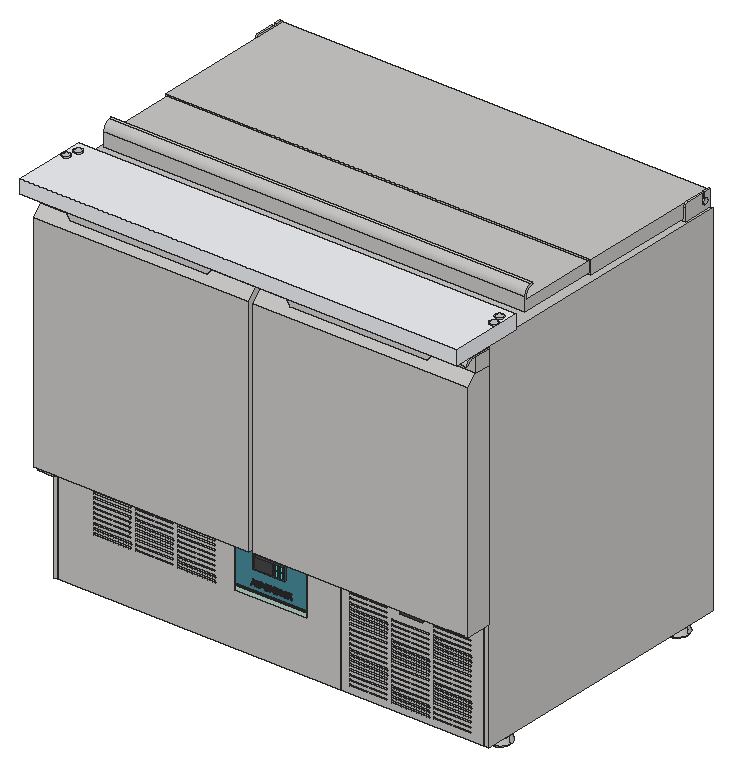
Revit family "QF_ALPENINOX_729616_ASAL25L2C9", category Attrezzature speciali, Revit 2021
Family settings
  Quota connettore circolare = Usa diametro
  Tipo di parte = Normale
  Basato su piano di lavoro = No
  Sempre verticale = Sì
  Taglio con vuoti quando caricato = No
  Condiviso = No
  Punto di calcolo locali = No
Parameters (values of type "Standard")
  Weight = 64.00 kg
  Watts = 220 W
  Volts = 220 V
  URL Manufacturer = "http://www.alpeninox.com"
  URL = "http://www.alpeninox.com"
  Steam Supply Size = 0 mm
  Steam Supply Minimum Pressure = 0.0 Pa
  Steam Supply Maximum Pressure = 0.0 Pa
  Steam Consumption per Hour = 0
  Refrigeration Suction Line Size = 0 mm
  Refrigeration Liquid Line Size = 0 mm
  Refrigerant Compressor Remote = yes
  Prospetto di default = 0 mm
  Produttore = "Alpeninox"
  Phase = 1
  Modello = "ASAL25L2C9"
  Length Actual = 950 mm  # constant formula
  Item Number = "729616"
  Hot Water Size = 0 mm
  Height Actual = 863 mm  # constant formula
  HP = "0.3 HP"
  Gas Size = 0 mm
  Gas KW = 0
  Gas Input Pressure = 0 W
  Direct Waste Size = 0 mm
  Descrizione = "2-DOOR SALADETTE 250L+LID+CHOPPING BOARD R290"
  Depth Actual = 700 mm  # constant formula
  Cycle = 50 Hz
  Condensate Return Size = 0 mm
  Compressed Air Volume = 0.0 L/s
  Compressed Air Size = 0 mm
  Compressed Air Pressure = 0.0 Pa
  Cold Water Size = 0 mm
  Accessory = yes
Reference planes
  plane 1: z = 0
  plane 2 "Center (Left/Right)": x = -126.5
  plane 3 "Center (Front/Back)": y = 64.5
  plane 4 "BACK": y = 414.5
  plane 5 "FRONT": y = -285.5
  plane 6 "LEFT": x = -604
  plane 7 "RIGHT": x = 351
  plane 8 "FEET": z = 20
  plane 9 "TOP": z = 838
  plane 10 "PLAIN": z = 808
  plane 11 "EI_back": y = 414.5
  plane 12 "EI_left": x = 287.5
  plane 13 "BorderFront": y = -252.5
  plane 14 "DOOR": y = -197.5
  plane 15 "BorderLeft": x = -601.5
  plane 16 "BorderRight": x = 348.5
  plane 17: x = -576.5
  plane 18: x = 323.5
  plane 19: y = -701.5
  plane 20: z = 260
  plane 21 "FeetBack": y = 347.5
  plane 22 "FeetFront": y = -137.5
  plane 23 "FeetRight": x = 326.2
  plane 24 "FeetLeft": x = -579.2
  plane 25 "DrainX": x = -271.5
  plane 26 "DrainY": y = 91.5
  plane 27: z = 238
  plane 28: z = 1140
Forms (mm)
  Extrusion 1, solid, material "QF_Finishes_Stainless Steel"
    sketch origin (-1022.223, 359, -1763) x (-1, 0, 0) y (0, 0, -1)
      loop
        circle (-1309.723, -1883) r 5
    from -55.5 to -57.278
  Extrusion 2, solid, material "QF_Finishes_Stainless Steel"
    sketch origin (-1022.223, -1524, 20) x (-1, 0, 0) y (0, -1, 0)
      loop
        line (-420.723, -1938.5) -> (-420.723, -1326.5) -> (-1370.723, -1326.5) -> (-1370.723, -1938.5) -> (-420.723, -1938.5)
    from 0 to 788
  Extrusion 3, solid, material "QF_Finishes_White"
    sketch origin (0, 0, 808) x (-1, 0, 0) y (0, -1, 0)
      loop
        line (604, 125.5) -> (604, 285.5) -> (-351, 285.5) -> (-351, 125.5) -> (604, 125.5)
      loop
        circle (586.656, 148.884) r 8.77
      loop
        circle (593.656, 172.884) r 8.77
      loop
        circle (-333.656, 148.884) r 8.77
      loop
        circle (-340.656, 172.884) r 8.77
    from 0 to 30
  Extrusion 4, void
    sketch origin (0, 0, 0) x (1, 0, 0) y (0, 1, 0)
      loop
        line (-591.5, -197.5) -> (338.5, -197.5) -> (338.5, -195.5) -> (-591.5, -195.5) -> (-591.5, -197.5)
    from 20 to 260
  Extrusion 5, solid, material "QF_Finishes_Stainless Steel"
    sketch origin (0, 0, 0) x (1, 0, 0) y (0, 1, 0)
      loop
        line (-591.5, -195.5) -> (-591.5, -197.5) -> (26.373, -197.5) -> (26.373, -195.5) -> (-591.5, -195.5)
    from 20 to 260
  Extrusion 6, solid, material "QF_Finishes_Stainless Steel"
    sketch origin (0, 0, 0) x (1, 0, 0) y (0, 1, 0)
      loop
        line (26.373, -195.5) -> (26.373, -197.5) -> (338.5, -197.5) -> (338.5, -195.5) -> (26.373, -195.5)
    from 20 to 260
  Extrusion 7, void
    sketch origin (560, -285.5, 0) x (-1, 0, 0) y (0, 0, 1)
      loop
        line (514.036, 239.427) -> (431.036, 239.427) -> (431.036, 234.427) -> (514.036, 234.427) -> (514.036, 239.427)
      loop
        line (514.036, 229.427) -> (431.036, 229.427) -> (431.036, 224.427) -> (514.036, 224.427) -> (514.036, 229.427)
      loop
        line (514.036, 219.427) -> (431.036, 219.427) -> (431.036, 214.427) -> (514.036, 214.427) -> (514.036, 219.427)
      loop
        line (514.036, 209.427) -> (431.036, 209.427) -> (431.036, 204.427) -> (514.036, 204.427) -> (514.036, 209.427)
      loop
        line (514.036, 199.427) -> (431.036, 199.427) -> (431.036, 194.427) -> (514.036, 194.427) -> (514.036, 199.427)
      loop
        line (514.036, 189.427) -> (431.036, 189.427) -> (431.036, 184.427) -> (514.036, 184.427) -> (514.036, 189.427)
      loop
        line (514.036, 179.427) -> (431.036, 179.427) -> (431.036, 174.427) -> (514.036, 174.427) -> (514.036, 179.427)
      loop
        line (514.036, 169.427) -> (431.036, 169.427) -> (431.036, 164.427) -> (514.036, 164.427) -> (514.036, 169.427)
      loop
        line (514.036, 149.427) -> (431.036, 149.427) -> (431.036, 144.427) -> (514.036, 144.427) -> (514.036, 149.427)
      loop
        line (514.036, 139.427) -> (431.036, 139.427) -> (431.036, 134.427) -> (514.036, 134.427) -> (514.036, 139.427)
      loop
        line (422.036, 199.427) -> (339.036, 199.427) -> (339.036, 194.427) -> (422.036, 194.427) -> (422.036, 199.427)
      loop
        line (422.036, 189.427) -> (339.036, 189.427) -> (339.036, 184.427) -> (422.036, 184.427) -> (422.036, 189.427)
      loop
        line (422.036, 179.427) -> (339.036, 179.427) -> (339.036, 174.427) -> (422.036, 174.427) -> (422.036, 179.427)
      loop
        line (422.036, 149.427) -> (339.036, 149.427) -> (339.036, 144.427) -> (422.036, 144.427) -> (422.036, 149.427)
      loop
        line (422.036, 139.427) -> (339.036, 139.427) -> (339.036, 134.427) -> (422.036, 134.427) -> (422.036, 139.427)
      loop
        line (330.036, 239.427) -> (247.036, 239.427) -> (247.036, 234.427) -> (330.036, 234.427) -> (330.036, 239.427)
      loop
        line (330.036, 229.427) -> (247.036, 229.427) -> (247.036, 224.427) -> (330.036, 224.427) -> (330.036, 229.427)
      loop
        line (330.036, 219.427) -> (247.036, 219.427) -> (247.036, 214.427) -> (330.036, 214.427) -> (330.036, 219.427)
      loop
        line (330.036, 209.427) -> (247.036, 209.427) -> (247.036, 204.427) -> (330.036, 204.427) -> (330.036, 209.427)
      loop
        line (330.036, 199.427) -> (247.036, 199.427) -> (247.036, 194.427) -> (330.036, 194.427) -> (330.036, 199.427)
      loop
        line (330.036, 189.427) -> (247.036, 189.427) -> (247.036, 184.427) -> (330.036, 184.427) -> (330.036, 189.427)
      loop
        line (330.036, 179.427) -> (247.036, 179.427) -> (247.036, 174.427) -> (330.036, 174.427) -> (330.036, 179.427)
      loop
        line (330.036, 149.427) -> (247.036, 149.427) -> (247.036, 144.427) -> (330.036, 144.427) -> (330.036, 149.427)
      loop
        line (330.036, 139.427) -> (247.036, 139.427) -> (247.036, 134.427) -> (330.036, 134.427) -> (330.036, 139.427)
      loop
        line (422.036, 169.427) -> (339.036, 169.427) -> (339.036, 164.427) -> (422.036, 164.427) -> (422.036, 169.427)
      loop
        line (330.036, 169.427) -> (247.036, 169.427) -> (247.036, 164.427) -> (330.036, 164.427) -> (330.036, 169.427)
      loop
        line (514.036, 159.427) -> (431.036, 159.427) -> (431.036, 154.427) -> (514.036, 154.427) -> (514.036, 159.427)
      loop
        line (422.036, 159.427) -> (339.036, 159.427) -> (339.036, 154.427) -> (422.036, 154.427) -> (422.036, 159.427)
      loop
        line (330.036, 159.427) -> (247.036, 159.427) -> (247.036, 154.427) -> (330.036, 154.427) -> (330.036, 159.427)
      loop
        line (514.036, 129.427) -> (431.036, 129.427) -> (431.036, 124.427) -> (514.036, 124.427) -> (514.036, 129.427)
      loop
        line (514.036, 119.427) -> (431.036, 119.427) -> (431.036, 114.427) -> (514.036, 114.427) -> (514.036, 119.427)
      loop
        line (514.036, 109.427) -> (431.036, 109.427) -> (431.036, 104.427) -> (514.036, 104.427) -> (514.036, 109.427)
      loop
        line (514.036, 99.427) -> (431.036, 99.427) -> (431.036, 94.427) -> (514.036, 94.427) -> (514.036, 99.427)
      loop
        line (514.036, 79.427) -> (431.036, 79.427) -> (431.036, 74.427) -> (514.036, 74.427) -> (514.036, 79.427)
      loop
        line (514.036, 69.427) -> (431.036, 69.427) -> (431.036, 64.427) -> (514.036, 64.427) -> (514.036, 69.427)
      loop
        line (422.036, 129.427) -> (339.036, 129.427) -> (339.036, 124.427) -> (422.036, 124.427) -> (422.036, 129.427)
      loop
        line (422.036, 119.427) -> (339.036, 119.427) -> (339.036, 114.427) -> (422.036, 114.427) -> (422.036, 119.427)
      loop
        line (422.036, 109.427) -> (339.036, 109.427) -> (339.036, 104.427) -> (422.036, 104.427) -> (422.036, 109.427)
      loop
        line (422.036, 79.427) -> (339.036, 79.427) -> (339.036, 74.427) -> (422.036, 74.427) -> (422.036, 79.427)
      loop
        line (422.036, 69.427) -> (339.036, 69.427) -> (339.036, 64.427) -> (422.036, 64.427) -> (422.036, 69.427)
      loop
        line (330.036, 129.427) -> (247.036, 129.427) -> (247.036, 124.427) -> (330.036, 124.427) -> (330.036, 129.427)
      loop
        line (330.036, 119.427) -> (247.036, 119.427) -> (247.036, 114.427) -> (330.036, 114.427) -> (330.036, 119.427)
      loop
        line (330.036, 109.427) -> (247.036, 109.427) -> (247.036, 104.427) -> (330.036, 104.427) -> (330.036, 109.427)
      loop
        line (330.036, 79.427) -> (247.036, 79.427) -> (247.036, 74.427) -> (330.036, 74.427) -> (330.036, 79.427)
      loop
        line (330.036, 69.427) -> (247.036, 69.427) -> (247.036, 64.427) -> (330.036, 64.427) -> (330.036, 69.427)
      loop
        line (422.036, 99.427) -> (339.036, 99.427) -> (339.036, 94.427) -> (422.036, 94.427) -> (422.036, 99.427)
      loop
        line (330.036, 99.427) -> (247.036, 99.427) -> (247.036, 94.427) -> (330.036, 94.427) -> (330.036, 99.427)
      loop
        line (514.036, 89.427) -> (431.036, 89.427) -> (431.036, 84.427) -> (514.036, 84.427) -> (514.036, 89.427)
      loop
        line (422.036, 89.427) -> (339.036, 89.427) -> (339.036, 84.427) -> (422.036, 84.427) -> (422.036, 89.427)
      loop
        line (330.036, 89.427) -> (247.036, 89.427) -> (247.036, 84.427) -> (330.036, 84.427) -> (330.036, 89.427)
      loop
        line (514.036, 49.427) -> (431.036, 49.427) -> (431.036, 44.427) -> (514.036, 44.427) -> (514.036, 49.427)
      loop
        line (514.036, 39.427) -> (431.036, 39.427) -> (431.036, 34.427) -> (514.036, 34.427) -> (514.036, 39.427)
      loop
        line (422.036, 49.427) -> (339.036, 49.427) -> (339.036, 44.427) -> (422.036, 44.427) -> (422.036, 49.427)
      loop
        line (422.036, 39.427) -> (339.036, 39.427) -> (339.036, 34.427) -> (422.036, 34.427) -> (422.036, 39.427)
      loop
        line (330.036, 49.427) -> (247.036, 49.427) -> (247.036, 44.427) -> (330.036, 44.427) -> (330.036, 49.427)
      loop
        line (330.036, 39.427) -> (247.036, 39.427) -> (247.036, 34.427) -> (330.036, 34.427) -> (330.036, 39.427)
      loop
        line (514.036, 59.427) -> (431.036, 59.427) -> (431.036, 54.427) -> (514.036, 54.427) -> (514.036, 59.427)
      loop
        line (422.036, 59.427) -> (339.036, 59.427) -> (339.036, 54.427) -> (422.036, 54.427) -> (422.036, 59.427)
      loop
        line (330.036, 59.427) -> (247.036, 59.427) -> (247.036, 54.427) -> (330.036, 54.427) -> (330.036, 59.427)
      loop
        line (405.536, 239.427) -> (355.536, 239.427) -> (355.536, 214.427) -> (405.536, 214.427) -> (405.536, 239.427)
    from 88 to 90
  Extrusion 8, solid, material "QF_Finishes_Black"
    sketch origin (0, -285.5, 0) x (-1, 0, 0) y (0, 0, 1)
      loop
        line (-154.464, 239.427) -> (-204.464, 239.427) -> (-204.464, 214.427) -> (-154.464, 214.427) -> (-154.464, 239.427)
    from 88 to 90
  Extrusion 9, solid, material "QF_Finishes_Stainless Steel"
    sketch origin (-1022.223, -1524, 20) x (-1, 0, 0) y (0, -1, 0)
      loop
        circle (-750.723, -1615.5) r 6.35
    from 199.427 to 218
  Extrusion 10, solid, material "QF_Finishes_Stainless Steel"
    sketch origin (-126.5, 0, 0) x (0, 1, 0) y (0, 0, 1)
      loop
        line (-78.684, 816.252) -> (96.316, 816.252) -> (96.316, 838) -> (-75.684, 838) -> (-75.684, 844.369)
        arc (-75.684, 844.369) -> (-72.171, 854.718) -> (-63.084, 860.79) r 17
        line (-63.084, 860.79) -> (-58.287, 862.076) -> (-59.064, 864.973) -> (-63.861, 863.688)
        arc (-63.861, 863.688) -> (-74.551, 856.545) -> (-78.684, 844.369) r 20
        line (-78.684, 844.369) -> (-78.684, 816.252)
    from -460 to 460
  Extrusion 11, solid, material "QF_Finishes_Stainless Steel"
    sketch origin (0, 0, 808) x (-1, 0, 0) y (0, -1, 0)
      loop
        circle (586.656, 148.884) r 8.77
      loop
        circle (593.656, 172.884) r 8.77
      loop
        circle (-333.656, 148.884) r 8.77
      loop
        circle (-340.656, 172.884) r 8.77
    from 0 to 31
  Extrusion 12, solid, material "QF_Finishes_Stainless Steel"
    sketch origin (0, 414.5, 0) x (-1, 0, 0) y (0, 0, 1)
      loop
        line (-334.5, 815.252) -> (586.5, 815.252) -> (586.5, 839) -> (-334.5, 839) -> (-334.5, 815.252)
      loop
        line (590.5, 842) -> (-337.5, 842) -> (-337.5, 812.252) -> (590.5, 812.252) -> (590.5, 842)
    from 0 to -318.184
  Extrusion 13, void
    sketch origin (0, -285.5, 0) x (-1, 0, 0) y (0, 0, 1)
      loop
        line (514.036, 239.427) -> (431.036, 239.427) -> (431.036, 234.427) -> (514.036, 234.427) -> (514.036, 239.427)
      loop
        line (514.036, 229.427) -> (431.036, 229.427) -> (431.036, 224.427) -> (514.036, 224.427) -> (514.036, 229.427)
      loop
        line (514.036, 219.427) -> (431.036, 219.427) -> (431.036, 214.427) -> (514.036, 214.427) -> (514.036, 219.427)
      loop
        line (514.036, 209.427) -> (431.036, 209.427) -> (431.036, 204.427) -> (514.036, 204.427) -> (514.036, 209.427)
      loop
        line (514.036, 199.427) -> (431.036, 199.427) -> (431.036, 194.427) -> (514.036, 194.427) -> (514.036, 199.427)
      loop
        line (514.036, 189.427) -> (431.036, 189.427) -> (431.036, 184.427) -> (514.036, 184.427) -> (514.036, 189.427)
      loop
        line (514.036, 179.427) -> (431.036, 179.427) -> (431.036, 174.427) -> (514.036, 174.427) -> (514.036, 179.427)
      loop
        line (514.036, 169.427) -> (431.036, 169.427) -> (431.036, 164.427) -> (514.036, 164.427) -> (514.036, 169.427)
      loop
        line (514.036, 149.427) -> (431.036, 149.427) -> (431.036, 144.427) -> (514.036, 144.427) -> (514.036, 149.427)
      loop
        line (514.036, 139.427) -> (431.036, 139.427) -> (431.036, 134.427) -> (514.036, 134.427) -> (514.036, 139.427)
      loop
        line (422.036, 199.427) -> (339.036, 199.427) -> (339.036, 194.427) -> (422.036, 194.427) -> (422.036, 199.427)
      loop
        line (422.036, 189.427) -> (339.036, 189.427) -> (339.036, 184.427) -> (422.036, 184.427) -> (422.036, 189.427)
      loop
        line (422.036, 179.427) -> (339.036, 179.427) -> (339.036, 174.427) -> (422.036, 174.427) -> (422.036, 179.427)
      loop
        line (422.036, 149.427) -> (339.036, 149.427) -> (339.036, 144.427) -> (422.036, 144.427) -> (422.036, 149.427)
      loop
        line (422.036, 139.427) -> (339.036, 139.427) -> (339.036, 134.427) -> (422.036, 134.427) -> (422.036, 139.427)
      loop
        line (330.036, 239.427) -> (247.036, 239.427) -> (247.036, 234.427) -> (330.036, 234.427) -> (330.036, 239.427)
      loop
        line (330.036, 229.427) -> (247.036, 229.427) -> (247.036, 224.427) -> (330.036, 224.427) -> (330.036, 229.427)
      loop
        line (330.036, 219.427) -> (247.036, 219.427) -> (247.036, 214.427) -> (330.036, 214.427) -> (330.036, 219.427)
      loop
        line (330.036, 209.427) -> (247.036, 209.427) -> (247.036, 204.427) -> (330.036, 204.427) -> (330.036, 209.427)
      loop
        line (330.036, 199.427) -> (247.036, 199.427) -> (247.036, 194.427) -> (330.036, 194.427) -> (330.036, 199.427)
      loop
        line (330.036, 189.427) -> (247.036, 189.427) -> (247.036, 184.427) -> (330.036, 184.427) -> (330.036, 189.427)
      loop
        line (330.036, 179.427) -> (247.036, 179.427) -> (247.036, 174.427) -> (330.036, 174.427) -> (330.036, 179.427)
      loop
        line (330.036, 149.427) -> (247.036, 149.427) -> (247.036, 144.427) -> (330.036, 144.427) -> (330.036, 149.427)
      loop
        line (330.036, 139.427) -> (247.036, 139.427) -> (247.036, 134.427) -> (330.036, 134.427) -> (330.036, 139.427)
      loop
        line (422.036, 169.427) -> (339.036, 169.427) -> (339.036, 164.427) -> (422.036, 164.427) -> (422.036, 169.427)
      loop
        line (330.036, 169.427) -> (247.036, 169.427) -> (247.036, 164.427) -> (330.036, 164.427) -> (330.036, 169.427)
      loop
        line (514.036, 159.427) -> (431.036, 159.427) -> (431.036, 154.427) -> (514.036, 154.427) -> (514.036, 159.427)
      loop
        line (422.036, 159.427) -> (339.036, 159.427) -> (339.036, 154.427) -> (422.036, 154.427) -> (422.036, 159.427)
      loop
        line (330.036, 159.427) -> (247.036, 159.427) -> (247.036, 154.427) -> (330.036, 154.427) -> (330.036, 159.427)
      loop
        line (422.036, 239.427) -> (339.036, 239.427) -> (339.036, 234.427) -> (422.036, 234.427) -> (422.036, 239.427)
      loop
        line (422.036, 229.427) -> (339.036, 229.427) -> (339.036, 224.427) -> (422.036, 224.427) -> (422.036, 229.427)
      loop
        line (422.036, 219.427) -> (339.036, 219.427) -> (339.036, 214.427) -> (422.036, 214.427) -> (422.036, 219.427)
      loop
        line (422.036, 209.427) -> (339.036, 209.427) -> (339.036, 204.427) -> (422.036, 204.427) -> (422.036, 209.427)
      loop
        line (204.5, 134.427) -> (204.5, 239.427) -> (48.5, 239.427) -> (48.5, 134.427) -> (204.5, 134.427)
    from 88 to 90
  Extrusion 14, solid, material "QF_Finishes_Stainless Steel"
    sketch origin (0, 414.5, 0) x (-1, 0, 0) y (0, 0, 1)
      loop
        line (-343.5, 808) -> (596.5, 808) -> (596.5, 844.142) -> (592.5, 844.142) -> (592.5, 812) -> (-339.5, 812) -> (-339.5, 844.142) -> (-343.5, 844.142) -> (-343.5, 808)
    from 0 to -67
  Extrusion 15, void
    sketch origin (-604, 0, 0) x (0, 1, 0) y (0, 0, 1)
      loop
        line (355.917, 844.142) -> (347.5, 844.142) -> (347.5, 835.725)
        arc (347.5, 835.725) -> (349.965, 841.676) -> (355.917, 844.142) r 8.417
      loop
        line (400.565, 844.142) -> (392.565, 844.142) -> (392.565, 824.142) -> (400.565, 824.142) -> (400.565, 844.142)
    from 7.5 to 11.5
  Extrusion 16, void
    sketch origin (351, 0, 0) x (0, 1, 0) y (0, 0, 1)
      loop
        line (355.917, 844.142) -> (347.5, 844.142) -> (347.5, 835.725)
        arc (347.5, 835.725) -> (349.965, 841.676) -> (355.917, 844.142) r 8.417
      loop
        line (400.565, 844.142) -> (392.565, 844.142) -> (392.565, 824.142) -> (400.565, 824.142) -> (400.565, 844.142)
    from -7.5 to -11.5
  Extrusion 17, void
    sketch origin (-126.5, 0, 0) x (0, 1, 0) y (0, 0, 1)
      loop
        circle (396.565, 829.168) r 3.513
    from 464 to -464
  Extrusion 18, solid, material "QF_Finishes_Stainless Steel"
    sketch origin (-604, 0, 0) x (0, 1, 0) y (0, 0, 1)
      loop
        line (390.189, 829.168) -> (393.377, 823.646) -> (399.753, 823.646) -> (402.942, 829.168) -> (399.753, 834.69) -> (393.377, 834.69) -> (390.189, 829.168)
    from 7.5 to 2.5
  Extrusion 19, solid, material "QF_Finishes_Stainless Steel"
    sketch origin (-126.5, 0, 0) x (0, 1, 0) y (0, 0, 1)
      loop
        circle (396.565, 829.168) r 3.513
    from 470 to -470
  Extrusion 20, solid, material "QF_Finishes_Stainless Steel"
    sketch origin (351, 0, 0) x (0, 1, 0) y (0, 0, 1)
      loop
        line (390.189, 829.168) -> (393.377, 823.646) -> (399.753, 823.646) -> (402.942, 829.168) -> (399.753, 834.69) -> (393.377, 834.69) -> (390.189, 829.168)
    from -7.5 to -2.5
  Extrusion 21, solid, material "QF_Door-Drawer Clearances", detail levels coarse
    sketch origin (-126.5, 0, 0) x (0, 1, 0) y (0, 0, 1)
      loop
        line (414.5, 844.142) -> (414.5, 1140) -> (384.5, 1140) -> (384.5, 844.142) -> (414.5, 844.142)
    from 460 to -460
  Extrusion 22, solid, material "QF_Door-Drawer Clearances", detail levels coarse
    sketch origin (-126.5, 0, 0) x (0, 1, 0) y (0, 0, 1)
      loop
        line (384.5, 844.142) -> (384.5, 1140)
        arc (384.5, 1140) -> (175.297, 1053.345) -> (88.642, 844.142) r 295.858
        line (88.642, 844.142) -> (384.5, 844.142)
    from 460 to -460
Cuts and joins
  Extrusion 4, Extrusion 7, Extrusion 13 cuts Extrusion 2
  Extrusion 7, Extrusion 13 cuts Extrusion 5
  Extrusion 7, Extrusion 13 cuts Extrusion 6
  Extrusion 13 cuts Extrusion 8
  Extrusion 15, Extrusion 17 cuts Extrusion 12
  Extrusion 15, Extrusion 16 cuts Extrusion 14
Lines and regions (mm)
  symbolic lines, style "SpecialityEquipment"
    curve 1: line (-604, 414.5, 808) -> (351, 414.5, 808)
    curve 2: line (-604, -285.5, 808) -> (-604, 414.5, 808)
    curve 3: line (351, -285.5, 808) -> (-604, -285.5, 808)
    curve 4: line (351, 414.5, 808) -> (351, -285.5, 808)
  symbolic lines, style "SpecialityEquipmentHiddenLines"
    curve 5: line (-604, -197.5, 808) -> (351, -197.5, 808)
  symbolic lines
    curve 6: line (-586.5, -78.684, 808) -> (333.5, -78.684, 808)
    curve 7: line (333.5, -78.684, 808) -> (333.5, 96.316, 808)
    curve 8: line (337.5, 96.316, 808) -> (-590.5, 96.316, 808)
    curve 9: line (-590.5, 96.316, 808) -> (-590.5, 414.5, 808)
    curve 10: line (-586.5, -78.684, 808) -> (-586.5, 96.316, 808)
    curve 11: line (337.5, 96.316, 808) -> (337.5, 414.5, 808)
    curve 12: line (343.5, 347.5, 808) -> (343.5, 393.052, 808)
    curve 13: line (343.5, 393.052, 808) -> (337.5, 393.052, 808)
    curve 14: line (343.5, 400.078, 808) -> (337.5, 400.078, 808)
    curve 15: line (339.5, 393.052, 808) -> (339.5, 347.5, 808)
    curve 16: line (339.5, 347.5, 808) -> (343.5, 347.5, 808)
    curve 17: line (343.5, 400.078, 808) -> (343.5, 414.5, 808)
    curve 18: line (339.5, 400.078, 808) -> (339.5, 414.5, 808)
    curve 19: line (-596.5, 347.5, 808) -> (-596.5, 393.052, 808)
    curve 20: line (-596.5, 393.052, 808) -> (-590.5, 393.052, 808)
    curve 21: line (-596.5, 400.078, 808) -> (-590.5, 400.078, 808)
    curve 22: line (-592.5, 393.052, 808) -> (-592.5, 347.5, 808)
    curve 23: line (-592.5, 347.5, 808) -> (-596.5, 347.5, 808)
    curve 24: line (-596.5, 400.078, 808) -> (-596.5, 414.5, 808)
    curve 25: line (-592.5, 400.078, 808) -> (-592.5, 414.5, 808)
    curve 26: line (343.5, 402.942, 808) -> (348.5, 402.942, 808)
    curve 27: line (348.5, 402.942, 808) -> (348.5, 390.189, 808)
    curve 28: line (348.5, 390.189, 808) -> (343.5, 390.189, 808)
    curve 29: line (343.5, 400.078, 808) -> (343.5, 393.052, 808)
    curve 30: line (-596.5, 402.942, 808) -> (-601.5, 402.942, 808)
    curve 31: line (-601.5, 402.942, 808) -> (-601.5, 390.189, 808)
    curve 32: line (-601.5, 390.189, 808) -> (-596.5, 390.189, 808)
    curve 33: line (-596.5, 400.078, 808) -> (-596.5, 393.052, 808)
    curve 34: line (-586.5, -59.064, 808) -> (333.5, -59.064, 808)
Dimensions and locks
  equal spacing: plane 6 "LEFT", plane 2 "Center (Left/Right)", plane 7 "RIGHT"
  plane 8 "FEET" to level = 20 mm  (x2)
  plane 13 "BorderFront" to plane 5 "FRONT" = 33 mm
  plane 14 "DOOR" to plane 13 "BorderFront" = 55 mm
  plane 6 "LEFT" to plane 15 "BorderLeft" = 2.5 mm
  plane 16 "BorderRight" to plane 7 "RIGHT" = 2.5 mm
  plane 10 "PLAIN" to plane 8 "FEET" = 788 mm  (x2)
  plane 18 to plane 16 "BorderRight" = 25 mm
  plane 6 "LEFT" to plane 7 "RIGHT" = 955 mm
  plane 4 "BACK" to plane 5 "FRONT" = 700 mm
  equal spacing: plane 4 "BACK", plane 3 "Center (Front/Back)", plane 5 "FRONT"
  plane 20 to plane 8 "FEET" = 240 mm
  plane 22 "FeetFront" to plane 14 "DOOR" = 60 mm
  plane 23 "FeetRight" to plane 16 "BorderRight" = 22.3 mm
  plane 12 "EI_left" to plane 16 "BorderRight" = 61 mm
  plane 15 "BorderLeft" to plane 25 "DrainX" = 330 mm
  plane 27 to plane 8 "FEET" = 218 mm
  plane 28 to plane 10 "PLAIN" = 332 mm  (x2)
  plane 9 "TOP" to plane 10 "PLAIN" = 30 mm
  plane 11 "EI_back" to plane 19 = 1116 mm
  plane 11 "EI_back" to plane 26 "DrainY" = 323 mm
  aligned and locked: level to plane 1
Automatic sketch dimensions
  Extrusion 1 sketch curve to plane 12 "EI_left" = 0 mm
  plane 8 "FEET" to Extrusion 1 sketch curve = 100 mm
  Extrusion 2 sketch curve to plane 4 "BACK" = 0 mm
  Extrusion 2 sketch curve to plane 16 "BorderRight" = 0 mm
  Extrusion 2 sketch curve to plane 14 "DOOR" = 0 mm
  Extrusion 2 sketch curve to plane 15 "BorderLeft" = 0 mm
  Extrusion 3 sketch curve to plane 7 "RIGHT" = 0 mm
  Extrusion 3 sketch curve to plane 5 "FRONT" = 0 mm
  Extrusion 3 sketch curve to plane 6 "LEFT" = 0 mm
  Extrusion 3 sketch curve to plane 16 "BorderRight" = 7.844 mm
  plane 23 "FeetRight" to Extrusion 3 sketch curve = 7.456 mm
  plane 24 "FeetLeft" to Extrusion 3 sketch curve = 7.456 mm
  plane 15 "BorderLeft" to Extrusion 3 sketch curve = 7.844 mm
  plane 14 "DOOR" to Extrusion 3 sketch curve = 24.616 mm  (x2)
  Extrusion 3 sketch curve to plane 22 "FeetFront" = 11.384 mm  (x2)
  plane 22 "FeetFront" to Extrusion 3 sketch curve = 12 mm
  Extrusion 4 sketch curve to plane 14 "DOOR" = 0 mm
  plane 15 "BorderLeft" to Extrusion 4 sketch curve = 10 mm
  plane 14 "DOOR" to Extrusion 4 sketch curve = 2 mm
  Extrusion 4 sketch curve to plane 16 "BorderRight" = 10 mm
  Extrusion 5 sketch curve to plane 14 "DOOR" = 0 mm
  plane 15 "BorderLeft" to Extrusion 5 sketch curve = 10 mm
  plane 2 "Center (Left/Right)" to Extrusion 5 sketch curve = 152.873 mm
  plane 14 "DOOR" to Extrusion 5 sketch curve = 2 mm
  Extrusion 6 sketch curve to plane 14 "DOOR" = 0 mm
  plane 2 "Center (Left/Right)" to Extrusion 6 sketch curve = 152.873 mm
  Extrusion 6 sketch curve to plane 16 "BorderRight" = 10 mm
  plane 14 "DOOR" to Extrusion 6 sketch curve = 2 mm
  Extrusion 7 sketch curve to plane 18 = 10.536 mm  (x6)
  Extrusion 7 sketch curve to Extrusion 7 sketch curve = 0 mm  (x94)
  Extrusion 7 sketch curve to plane 12 "EI_left" = 57.536 mm  (x2)
  plane 27 to Extrusion 7 sketch curve = 1.427 mm  (x3)
  Extrusion 7 sketch curve to Extrusion 7 sketch curve = 9 mm  (x12)
  Extrusion 7 sketch curve to Extrusion 7 sketch curve = 16.5 mm  (x2)
  Extrusion 7 sketch curve to Extrusion 7 sketch curve = 50 mm
  Extrusion 7 sketch curve to Extrusion 7 sketch curve = 83 mm  (x3)
  plane 8 "FEET" to Extrusion 7 sketch curve = 29.427 mm  (x2)
  Extrusion 7 sketch curve to Extrusion 7 sketch curve = 5 mm  (x112)
  Extrusion 7 sketch curve to Extrusion 7 sketch curve = 15 mm
  Extrusion 7 sketch curve to plane 27 = 3.573 mm  (x2)
  plane 27 to Extrusion 8 sketch curve = 1.427 mm
  Extrusion 8 sketch curve to plane 12 "EI_left" = 83.036 mm
  Extrusion 8 sketch curve to plane 27 = 23.573 mm
  Extrusion 8 sketch curve to Extrusion 8 sketch curve = 50 mm
  Extrusion 9 sketch curve to plane 25 "DrainX" = 0 mm
  Extrusion 9 sketch curve to plane 26 "DrainY" = 0 mm
  Extrusion 10 sketch curve to Extrusion 10 sketch curve = 0 mm  (x2)
  Extrusion 10 sketch curve to plane 9 "TOP" = 0 mm
  plane 10 "PLAIN" to Extrusion 10 sketch curve = 8.252 mm
  plane 22 "FeetFront" to Extrusion 10 sketch curve = 58.816 mm
  Extrusion 10 sketch curve to Extrusion 10 sketch curve = 3 mm
  plane 9 "TOP" to Extrusion 10 sketch curve = 25.688 mm
  Extrusion 10 sketch curve to Extrusion 10 sketch curve = 11.824 mm
  plane 9 "TOP" to Extrusion 10 sketch curve = 22.79 mm
  plane 9 "TOP" to Extrusion 10 sketch curve = 26.973 mm
  Extrusion 10 sketch curve to Extrusion 10 sketch curve = 4.797 mm
  plane 9 "TOP" to Extrusion 10 sketch curve = 6.369 mm
  plane 26 "DrainY" to Extrusion 10 sketch curve = 4.816 mm
  Extrusion 11 sketch curve to plane 16 "BorderRight" = 7.844 mm
  plane 23 "FeetRight" to Extrusion 11 sketch curve = 7.456 mm
  plane 24 "FeetLeft" to Extrusion 11 sketch curve = 7.456 mm
  plane 15 "BorderLeft" to Extrusion 11 sketch curve = 7.844 mm
  Extrusion 11 sketch curve to plane 22 "FeetFront" = 11.384 mm  (x2)
  plane 14 "DOOR" to Extrusion 11 sketch curve = 24.616 mm  (x2)
  plane 9 "TOP" to Extrusion 12 sketch curve = 4 mm
  Extrusion 12 sketch curve to plane 16 "BorderRight" = 11 mm
  plane 9 "TOP" to Extrusion 12 sketch curve = 1 mm
  Extrusion 12 sketch curve to Extrusion 12 sketch curve = 3 mm  (x2)
  plane 24 "FeetLeft" to Extrusion 12 sketch curve = 7.3 mm
  Extrusion 12 sketch curve to Extrusion 12 sketch curve = 4 mm
  plane 10 "PLAIN" to Extrusion 12 sketch curve = 7.252 mm
  plane 2 "Center (Left/Right)" to Extrusion 13 sketch curve = 78 mm
  plane 27 to Extrusion 13 sketch curve = 1.427 mm  (x4)
  plane 25 "DrainX" to Extrusion 13 sketch curve = 67 mm
  plane 25 "DrainX" to Extrusion 13 sketch curve = 24.464 mm  (x2)
  Extrusion 13 sketch curve to Extrusion 13 sketch curve = 0 mm  (x56)
  Extrusion 13 sketch curve to plane 25 "DrainX" = 58.536 mm
  Extrusion 13 sketch curve to Extrusion 13 sketch curve = 9 mm  (x6)
  Extrusion 13 sketch curve to Extrusion 13 sketch curve = 83 mm
  Extrusion 13 sketch curve to plane 27 = 3.573 mm  (x3)
  Extrusion 13 sketch curve to plane 27 = 13.573 mm  (x2)
  plane 17 to Extrusion 13 sketch curve = 62.464 mm  (x2)
  Extrusion 13 sketch curve to Extrusion 13 sketch curve = 5 mm  (x57)
  Extrusion 14 sketch curve to plane 10 "PLAIN" = 0 mm
  Extrusion 14 sketch curve to plane 16 "BorderRight" = 5 mm
  Extrusion 14 sketch curve to Extrusion 14 sketch curve = 4 mm
  plane 15 "BorderLeft" to Extrusion 14 sketch curve = 9 mm
  plane 15 "BorderLeft" to Extrusion 14 sketch curve = 5 mm
  plane 10 "PLAIN" to Extrusion 14 sketch curve = 4 mm
  plane 9 "TOP" to Extrusion 14 sketch curve = 6.142 mm  (x2)
  Extrusion 15 sketch curve to plane 21 "FeetBack" = 0 mm  (x2)
  Extrusion 15 sketch curve to plane 9 "TOP" = 2.275 mm
  plane 21 "FeetBack" to Extrusion 15 sketch curve = 8.417 mm
  plane 9 "TOP" to Extrusion 15 sketch curve = 6.142 mm  (x2)
  Extrusion 15 sketch curve to plane 4 "BACK" = 21.935 mm
  Extrusion 15 sketch curve to Extrusion 15 sketch curve = 8 mm
  Extrusion 15 sketch curve to plane 9 "TOP" = 13.858 mm
  Extrusion 15 sketch curve to Extrusion 15 sketch curve = 0 mm  (x2)
  Extrusion 16 sketch curve to plane 21 "FeetBack" = 0 mm  (x2)
  Extrusion 16 sketch curve to plane 9 "TOP" = 2.275 mm
  Extrusion 16 sketch curve to Extrusion 16 sketch curve = 8.417 mm
  Extrusion 16 sketch curve to plane 4 "BACK" = 21.935 mm
  Extrusion 16 sketch curve to Extrusion 16 sketch curve = 8 mm
  Extrusion 16 sketch curve to plane 9 "TOP" = 13.858 mm
  plane 9 "TOP" to Extrusion 16 sketch curve = 6.142 mm  (x2)
  Extrusion 16 sketch curve to Extrusion 16 sketch curve = 0 mm  (x2)
  Extrusion 17 sketch curve to plane 9 "TOP" = 8.832 mm
  Extrusion 17 sketch curve to plane 4 "BACK" = 17.935 mm
  Extrusion 18 sketch curve to plane 9 "TOP" = 8.832 mm
  Extrusion 18 sketch curve to plane 4 "BACK" = 24.311 mm
  Extrusion 18 sketch curve to Extrusion 18 sketch curve = 3.188 mm  (x3)
  Extrusion 18 sketch curve to plane 9 "TOP" = 3.31 mm
  Extrusion 18 sketch curve to Extrusion 18 sketch curve = 6.376 mm  (x2)
  Extrusion 18 sketch curve to Extrusion 18 sketch curve = 5.522 mm  (x2)
  Extrusion 19 sketch curve to plane 9 "TOP" = 8.832 mm
  Extrusion 19 sketch curve to plane 4 "BACK" = 17.935 mm
  Extrusion 20 sketch curve to plane 9 "TOP" = 8.832 mm
  Extrusion 20 sketch curve to plane 4 "BACK" = 24.311 mm
  Extrusion 20 sketch curve to Extrusion 20 sketch curve = 3.188 mm  (x3)
  Extrusion 20 sketch curve to plane 9 "TOP" = 3.31 mm
  Extrusion 20 sketch curve to Extrusion 20 sketch curve = 6.376 mm  (x2)
  Extrusion 20 sketch curve to Extrusion 20 sketch curve = 5.522 mm  (x2)
  Extrusion 21 sketch curve to plane 28 = 0 mm
  Extrusion 21 sketch curve to plane 4 "BACK" = 0 mm
  Extrusion 21 sketch curve to plane 4 "BACK" = 30 mm
  plane 9 "TOP" to Extrusion 21 sketch curve = 6.142 mm
  Extrusion 22 sketch curve to plane 28 = 0 mm
  plane 9 "TOP" to Extrusion 22 sketch curve = 6.142 mm
  Extrusion 22 sketch curve to plane 4 "BACK" = 30 mm
  curve 4 to plane 4 "BACK" = 0 mm
  curve 4 to plane 7 "RIGHT" = 0 mm
  curve 26 to plane 16 "BorderRight" = 0 mm
  curve 16 to plane 21 "FeetBack" = 0 mm
  curve 22 to plane 21 "FeetBack" = 0 mm
  curve 32 to plane 15 "BorderLeft" = 0 mm
  curve 5 to plane 6 "LEFT" = 0 mm
  curve 5 to plane 14 "DOOR" = 0 mm
  curve 4 to plane 5 "FRONT" = 0 mm
  curve 29 to plane 16 "BorderRight" = 5 mm
  curve 12 to curve 16 = 4 mm
  plane 26 "DrainY" to curve 8 = 4.816 mm
  curve 8 to plane 16 "BorderRight" = 11 mm
  plane 23 "FeetRight" to curve 7 = 7.3 mm
  plane 24 "FeetLeft" to curve 6 = 7.3 mm
  curve 10 to curve 9 = 4 mm
  plane 15 "BorderLeft" to curve 22 = 9 mm
  plane 15 "BorderLeft" to curve 24 = 5 mm
  curve 27 to plane 4 "BACK" = 11.558 mm
  curve 31 to plane 4 "BACK" = 11.558 mm
  curve 30 to curve 33 = 2.863 mm
  curve 26 to curve 29 = 2.863 mm
  curve 14 to curve 12 = 7.027 mm
  curve 21 to curve 33 = 7.027 mm
  curve 33 to curve 31 = 2.863 mm
  curve 12 to curve 28 = 2.863 mm
  plane 22 "FeetFront" to curve 10 = 58.816 mm
  curve 18 to curve 11 = 2 mm
  curve 9 to curve 25 = 2 mm
  curve 34 to curve 6 = 19.621 mm
  radius of Extrusion 1 sketch curve = 5 mm
  radius of Extrusion 3 sketch curve = 8.77 mm  (x4)
  radius of Extrusion 9 sketch curve = 6.35 mm
  radius of Extrusion 11 sketch curve = 8.77 mm  (x4)
  radius of Extrusion 17 sketch curve = 3.513 mm
  radius of Extrusion 19 sketch curve = 3.513 mm
Nested families
  nested 1: "HORIZREF_SD_L" at (-366.5, -197.5, 531.5) x (1, 0, 0) z (0, -1, 0), type "HORIZREF_SD_L"
    with Show Clearance yes
  nested 2: "HORIZREF_SD_R" at (113.5, -197.5, 531.5) x (1, 0, 0) z (0, -1, 0), type "HORIZREF_SD_R"
    with Show Clearance yes
  nested 3: "HORIZREF_APX_DISPLAY" at (-126.5, -195.5, 184.427) x (1, 0, 0) z (0, -1, 0), type "HORIZREF_APX_DISPLAY"
    with Show Logo yes
  nested 4: "HORIZREF_FEET20" at (326.2, -137.5, 0), type "HORIZREF_FEET20"
  nested 5: "HORIZREF_FEET20" at (326.2, 347.5, 0), type "HORIZREF_FEET20"
  nested 6: "HORIZREF_FEET20" at (-579.2, -137.5, 0), type "HORIZREF_FEET20"
  nested 7: "HORIZREF_FEET20" at (-579.2, 347.5, 0), type "HORIZREF_FEET20"
  nested 8: "Refrigerator" at (351, -285.5, 808), type "Refrigerator"
Connectors
  electrical at (287.5, 416.278, 120), driven by "Volts"
    settings: on Extrusion 1, index 1, voltage 220 V, apparent load 0 VA, apparent load phase1 0 VA, apparent load phase2 0 VA, apparent load phase3 0 VA, power factor 1, load classification "Other", number of poles 1, system type 31, power factor state 1, is connector primary yes, connector utility no, sub classification motor no, connector description "Electrical Connection"
  piping at (-271.5, 91.5, 219.427), diameter 12.7
    settings: on Extrusion 9, index 2, connector inside diameter 609.6 mm, connector length 0 mm, flow factor 0, pipe flow 0.0 L/s, pressure drop 0.0 Pa, fitting loss kfactor 0, connector angle 0.00°, fixture units 0, engagement length 0 mm, angle of deflection 0.00°, flow configuration 0, flow direction 2, fitting loss method 0, system type 16, joint type 0, gender type 0, connector reference index -1, connector utility 0, adjustable connector no, is connector primary yes, connector description "Drain"
Definition of nested family "HORIZREF_SD_L"
  Parameters
    Show Clearance [instance] = yes
    Default Elevation = 1219.2 mm
  Reference planes
    plane 1 "Centro (Fronte/Retro)": y = 0
    plane 2: z = 0
    plane 3 "Centro (Sinistra/Destra)": x = 0
    plane 4 "Left": x = -235
    plane 5 "Right": x = 235
    plane 6: y = -271.5
    plane 7: y = 271.5
  Forms (mm)
    Extrusion 1, solid
      sketch origin (0, 0, 0) x (1, 0, 0) y (0, 1, 0)
        loop
          line (-1219.2, 1219.2) -> (-1219.2, -1219.2) -> (1219.2, -1219.2) -> (1219.2, 1219.2) -> (-1219.2, 1219.2)
      from 0 to -304.8
    Extrusion 2, solid
      sketch origin (0, -42.5, -3) x (0, 1, 0) y (0, 0, 1)
        loop
          line (-229, 58) -> (-229, 3) -> (279.183, 3) -> (279.183, 37.596) -> (258.779, 58) -> (-229, 58)
      from -235 to 235
    Extrusion 3, solid
      sketch origin (0, -42.5, 0) x (0, 1, 0) y (0, 0, 1)
        loop
          line (314, 0) -> (314, 44.493)
          arc (314, 44.493) -> (310.059, 54.627) -> (300.307, 59.436) r 15
          line (300.307, 59.436) -> (285.612, 60.721) -> (285.351, 57.733) -> (300.046, 56.447)
          arc (300.046, 56.447) -> (307.847, 52.6) -> (311, 44.493) r 12
          line (311, 44.493) -> (311, 0) -> (314, 0)
      from -235 to 235
    Extrusion 4, void
      sketch origin (0, -42.5, 0) x (1, 0, 0) y (0, 1, 0)
        loop
          line (-235, 285.351) -> (-147.017, 285.351)
          arc (-147.017, 285.351) -> (-148.802, 285.771) -> (-150.212, 286.944) r 4
          line (-150.212, 286.944) -> (-160.798, 300.992)
          arc (-160.798, 300.992) -> (-162.208, 302.165) -> (-163.992, 302.585) r 4
          line (-163.992, 302.585) -> (-235, 302.585) -> (-235, 285.351)
        loop
          line (235, 285.351) -> (235, 302.585) -> (163.992, 302.585)
          arc (163.992, 302.585) -> (162.208, 302.165) -> (160.798, 300.992) r 4
          line (160.798, 300.992) -> (150.212, 286.944)
          arc (150.212, 286.944) -> (148.802, 285.771) -> (147.017, 285.351) r 4
          line (147.017, 285.351) -> (235, 285.351)
      from 29.294 to 84.515
    Extrusion 5, solid, visible <- "Show Clearance", detail levels coarse
      sketch origin (0, -42.5, 5) x (-1, 0, 0) y (0, 0, -1)
        loop
          line (230, -499) -> (230, -55) -> (180, -55) -> (180, -499) -> (230, -499)
      from -314 to 229
    Extrusion 6, solid
      sketch origin (-235, 0, 0) x (0, 1, 0) y (0, 0, 1)
        loop
          line (-271.5, 0) -> (-271.5, 55) -> (-274, 55) -> (-274, 0) -> (-271.5, 0)
        loop
          line (271.5, 27.948) -> (271.5, 2.948) -> (271.5, 0) -> (276.503, 0) -> (276.503, 2.5) -> (274, 2.5) -> (274, 27.948) -> (271.5, 27.948)
      from 10 to 45
    Extrusion 7, solid
      sketch origin (0, -42.5, -3) x (0, 1, 0) y (0, 0, 1)
        loop
          line (279.183, 37.596) -> (279.183, 3) -> (311, 3) -> (311, 37.596) -> (279.183, 37.596)
      from -235 to 235
    Extrusion 8, solid, detail levels coarse
      sketch origin (0, 0, 5) x (1, 0, 0) y (0, 0, 1)
        loop
          line (-180, 499) -> (-180, 55) -> (235, 55)
          arc (235, 55) -> (117.187, 360.829) -> (-180, 499) r 437.47
      from -271.5 to 271.5
  Cuts and joins
    Extrusion 4 cuts Extrusion 3
  Lines and regions (mm)
    symbolic lines
      curve 1: line (-180, 0, 88) -> (-180, 0, 504)
      curve 2: line (-180, 0, 504) -> (-230, 0, 504)
      curve 3: line (-230, 0, 504) -> (-230, 0, 88)
      curve 4: arc (-180, 0, 504) -> (107.438, 0, 376.415) -> (232.8, 0, 88) r 433.138
  Dimensions and locks
    plane 4 "Left" to plane 3 "Centro (Sinistra/Destra)" to plane 5 "Right" = 235 mm, 235 mm
    equal spacing: plane 7, plane 1 "Centro (Fronte/Retro)", plane 6
    plane 7 to plane 6 = 543 mm
    aligned and locked: plane 2 to Extrusion 1
    aligned and locked: level to Extrusion 1
  Automatic sketch dimensions
    Extrusion 1 sketch curve to Extrusion 1 sketch curve = 2438.4 mm  (x2)
    Extrusion 2 sketch curve to plane 6 = 0 mm
    Extrusion 2 sketch curve to level = 0 mm
    Extrusion 2 sketch curve to plane 7 = 55.221 mm
    Extrusion 2 sketch curve to Extrusion 2 sketch curve = 20.404 mm  (x2)
    level to Extrusion 2 sketch curve = 34.596 mm
    Extrusion 3 sketch curve to Extrusion 3 sketch curve = 0 mm  (x2)
    Extrusion 3 sketch curve to level = 0 mm
    Extrusion 3 sketch curve to plane 7 = 0 mm
    Extrusion 3 sketch curve to Extrusion 3 sketch curve = 3 mm
    Extrusion 3 sketch curve to plane 7 = 13.693 mm
    Extrusion 3 sketch curve to Extrusion 3 sketch curve = 0.261 mm  (x2)
    Extrusion 3 sketch curve to Extrusion 3 sketch curve = 1.046 mm
    Extrusion 3 sketch curve to Extrusion 3 sketch curve = 14.695 mm
    level to Extrusion 3 sketch curve = 44.493 mm
    Extrusion 7 sketch curve to level = 0 mm
    Extrusion 7 sketch curve to plane 7 = 3 mm
    level to Extrusion 7 sketch curve = 34.596 mm
    Extrusion 7 sketch curve to Extrusion 7 sketch curve = 31.817 mm
    Extrusion 4 sketch curve to plane 4 "Left" = 0 mm
    Extrusion 4 sketch curve to plane 5 "Right" = 0 mm
    Extrusion 4 sketch curve to plane 7 = 11.415 mm
    Extrusion 4 sketch curve to Extrusion 4 sketch curve = 71.008 mm
    Extrusion 4 sketch curve to plane 7 = 13.008 mm  (x2)
    Extrusion 4 sketch curve to Extrusion 4 sketch curve = 3.195 mm  (x4)
    Extrusion 4 sketch curve to plane 7 = 27.056 mm  (x2)
    Extrusion 4 sketch curve to Extrusion 4 sketch curve = 10.586 mm  (x2)
    Extrusion 4 sketch curve to Extrusion 4 sketch curve = 0 mm  (x2)
    Extrusion 4 sketch curve to plane 7 = 24.649 mm
    Extrusion 4 sketch curve to plane 5 "Right" = 87.983 mm
    Extrusion 4 sketch curve to Extrusion 4 sketch curve = 17.234 mm
    Extrusion 4 sketch curve to Extrusion 4 sketch curve = 2.407 mm
    plane 4 "Left" to Extrusion 5 sketch curve = 55 mm
    plane 4 "Left" to Extrusion 5 sketch curve = 5 mm
    level to Extrusion 5 sketch curve = 504 mm
    level to Extrusion 5 sketch curve = 60 mm
    Extrusion 6 sketch curve to level = 0 mm  (x2)
    Extrusion 6 sketch curve to plane 6 = 0 mm
    Extrusion 6 sketch curve to plane 6 = 2.5 mm
    plane 7 to Extrusion 6 sketch curve = 0 mm
    Extrusion 6 sketch curve to Extrusion 6 sketch curve = 2.5 mm
    Extrusion 6 sketch curve to Extrusion 6 sketch curve = 2.503 mm
    level to Extrusion 6 sketch curve = 2.5 mm
    Extrusion 6 sketch curve to Extrusion 6 sketch curve = 0.448 mm
    Extrusion 6 sketch curve to Extrusion 6 sketch curve = 25 mm
    Extrusion 6 sketch curve to Extrusion 6 sketch curve = 55 mm
    Extrusion 8 sketch curve to plane 5 "Right" = 0 mm
    plane 4 "Left" to Extrusion 8 sketch curve = 55 mm
    Extrusion 8 sketch curve to Extrusion 8 sketch curve = 22.413 mm
    level to Extrusion 8 sketch curve = 60 mm
    Extrusion 8 sketch curve to Extrusion 8 sketch curve = 7.104 mm
    plane 4 "Left" to curve 2 = 5 mm
    curve 3 to curve 4 = 29.982 mm
    curve 2 to curve 1 = 50 mm
    level to curve 4 = 71.324 mm
    curve 4 to curve 1 = 16.676 mm
    curve 4 to curve 3 = 16.676 mm
    curve 1 to curve 2 = 416 mm
    curve 4 to plane 5 "Right" = 2.2 mm
Definition of nested family "HORIZREF_SD_R"
  Parameters
    Show Clearance [instance] = yes
    Default Elevation = 1219.2 mm
  Reference planes
    plane 1 "Centro (Fronte/Retro)": y = 0
    plane 2: z = 0
    plane 3 "Centro (Sinistra/Destra)": x = 0
    plane 4 "Left": x = -235
    plane 5 "Right": x = 235
    plane 6: y = -271.5
    plane 7: y = 271.5
  Forms (mm)
    Extrusion 1, solid
      sketch origin (0, 0, 0) x (1, 0, 0) y (0, 1, 0)
        loop
          line (-1219.2, 1219.2) -> (-1219.2, -1219.2) -> (1219.2, -1219.2) -> (1219.2, 1219.2) -> (-1219.2, 1219.2)
      from 0 to -304.8
    Extrusion 2, solid
      sketch origin (0, -42.5, -3) x (0, 1, 0) y (0, 0, 1)
        loop
          line (-229, 58) -> (-229, 3) -> (279.183, 3) -> (279.183, 37.596) -> (258.779, 58) -> (-229, 58)
      from -235 to 235
    Extrusion 3, solid
      sketch origin (0, -42.5, 0) x (0, 1, 0) y (0, 0, 1)
        loop
          line (314, 0) -> (314, 44.493)
          arc (314, 44.493) -> (310.059, 54.627) -> (300.307, 59.436) r 15
          line (300.307, 59.436) -> (285.612, 60.721) -> (285.351, 57.733) -> (300.046, 56.447)
          arc (300.046, 56.447) -> (307.847, 52.6) -> (311, 44.493) r 12
          line (311, 44.493) -> (311, 0) -> (314, 0)
      from -235 to 235
    Extrusion 4, void
      sketch origin (0, -42.5, 0) x (1, 0, 0) y (0, 1, 0)
        loop
          line (-235, 285.351) -> (-147.017, 285.351)
          arc (-147.017, 285.351) -> (-148.802, 285.771) -> (-150.212, 286.944) r 4
          line (-150.212, 286.944) -> (-160.798, 300.992)
          arc (-160.798, 300.992) -> (-162.208, 302.165) -> (-163.992, 302.585) r 4
          line (-163.992, 302.585) -> (-235, 302.585) -> (-235, 285.351)
        loop
          line (235, 285.351) -> (235, 302.585) -> (163.992, 302.585)
          arc (163.992, 302.585) -> (162.208, 302.165) -> (160.798, 300.992) r 4
          line (160.798, 300.992) -> (150.212, 286.944)
          arc (150.212, 286.944) -> (148.802, 285.771) -> (147.017, 285.351) r 4
          line (147.017, 285.351) -> (235, 285.351)
      from 29.294 to 84.515
    Extrusion 5, solid
      sketch origin (0, -42.5, -3) x (0, 1, 0) y (0, 0, 1)
        loop
          line (279.183, 37.596) -> (279.183, 3) -> (311, 3) -> (311, 37.596) -> (279.183, 37.596)
      from -235 to 235
    Extrusion 6, solid, visible <- "Show Clearance", detail levels coarse
      sketch origin (0, -42.5, 5) x (1, 0, 0) y (0, 0, 1)
        loop
          line (230, 499) -> (180, 499) -> (180, 55) -> (230, 55) -> (230, 499)
      from -314 to 229
    Extrusion 7, solid, detail levels coarse
      sketch origin (0, 0, 5) x (-1, 0, 0) y (0, 0, -1)
        loop
          arc (-180, -499) -> (117.187, -360.829) -> (235, -55) r 437.47
          line (235, -55) -> (-180, -55) -> (-180, -499)
      from -271.5 to 271.5
    Extrusion 8, solid
      sketch origin (235, 0, 0) x (0, 1, 0) y (0, 0, -1)
        loop
          line (-271.5, 0) -> (-274, 0) -> (-274, -55) -> (-271.5, -55) -> (-271.5, 0)
        loop
          line (271.5, -27.948) -> (274, -27.948) -> (274, -2.5) -> (276.503, -2.5) -> (276.503, 0) -> (271.5, 0) -> (271.5, -2.948) -> (271.5, -27.948)
      from 10 to 45
  Cuts and joins
    Extrusion 4 cuts Extrusion 3
  Lines and regions (mm)
    symbolic lines
      curve 1: line (180, 0, 88) -> (180, 0, 504)
      curve 2: line (180, 0, 504) -> (230, 0, 504)
      curve 3: line (230, 0, 504) -> (230, 0, 88)
      curve 4: arc (180, 0, 504) -> (-107.438, 0, 376.415) -> (-232.8, 0, 88) r 433.138
  Dimensions and locks
    plane 4 "Left" to plane 3 "Centro (Sinistra/Destra)" to plane 5 "Right" = 235 mm, 235 mm
    equal spacing: plane 7, plane 1 "Centro (Fronte/Retro)", plane 6
    plane 7 to plane 6 = 543 mm
    aligned and locked: plane 2 to Extrusion 1
    aligned and locked: level to Extrusion 1
  Automatic sketch dimensions
    curve 1 to plane 5 "Right" = 55 mm
    curve 1 to curve 4 = 20.018 mm
    curve 2 to plane 5 "Right" = 5 mm
    level to curve 4 = 71.324 mm
    curve 4 to curve 2 = 432.676 mm
    plane 4 "Left" to curve 4 = 2.2 mm
    curve 4 to curve 1 = 16.676 mm
    curve 4 to curve 3 = 16.676 mm
    Extrusion 1 sketch curve to Extrusion 1 sketch curve = 2438.4 mm  (x2)
    Extrusion 2 sketch curve to plane 6 = 0 mm
    Extrusion 2 sketch curve to level = 0 mm
    Extrusion 2 sketch curve to plane 7 = 55.221 mm
    Extrusion 2 sketch curve to Extrusion 2 sketch curve = 20.404 mm  (x2)
    level to Extrusion 2 sketch curve = 34.596 mm
    Extrusion 3 sketch curve to Extrusion 3 sketch curve = 0 mm  (x2)
    Extrusion 3 sketch curve to level = 0 mm
    Extrusion 3 sketch curve to plane 7 = 0 mm
    Extrusion 3 sketch curve to Extrusion 3 sketch curve = 3 mm
    Extrusion 3 sketch curve to plane 7 = 13.693 mm
    Extrusion 3 sketch curve to Extrusion 3 sketch curve = 0.261 mm  (x2)
    Extrusion 3 sketch curve to Extrusion 3 sketch curve = 1.046 mm
    Extrusion 3 sketch curve to Extrusion 3 sketch curve = 14.695 mm
    level to Extrusion 3 sketch curve = 44.493 mm
    Extrusion 4 sketch curve to plane 4 "Left" = 0 mm
    Extrusion 4 sketch curve to plane 5 "Right" = 0 mm
    Extrusion 4 sketch curve to plane 7 = 11.415 mm
    Extrusion 4 sketch curve to Extrusion 4 sketch curve = 71.008 mm
    Extrusion 4 sketch curve to plane 7 = 13.008 mm  (x2)
    Extrusion 4 sketch curve to Extrusion 4 sketch curve = 3.195 mm  (x4)
    Extrusion 4 sketch curve to plane 7 = 27.056 mm  (x2)
    Extrusion 4 sketch curve to Extrusion 4 sketch curve = 10.586 mm  (x2)
    Extrusion 4 sketch curve to plane 7 = 24.649 mm
    Extrusion 4 sketch curve to plane 5 "Right" = 87.983 mm
    Extrusion 4 sketch curve to Extrusion 4 sketch curve = 17.234 mm
    Extrusion 4 sketch curve to Extrusion 4 sketch curve = 2.407 mm
    Extrusion 4 sketch curve to Extrusion 4 sketch curve = 0 mm  (x2)
    Extrusion 5 sketch curve to level = 0 mm
    Extrusion 5 sketch curve to plane 7 = 34.817 mm
    Extrusion 5 sketch curve to plane 7 = 3 mm
    level to Extrusion 5 sketch curve = 34.596 mm
    Extrusion 6 sketch curve to plane 5 "Right" = 55 mm
    Extrusion 6 sketch curve to plane 5 "Right" = 5 mm
    level to Extrusion 6 sketch curve = 60 mm
    Extrusion 6 sketch curve to Extrusion 6 sketch curve = 444 mm
    Extrusion 7 sketch curve to plane 4 "Left" = 0 mm
    Extrusion 7 sketch curve to plane 5 "Right" = 55 mm
    Extrusion 7 sketch curve to Extrusion 7 sketch curve = 22.413 mm
    level to Extrusion 7 sketch curve = 504 mm
    level to Extrusion 7 sketch curve = 67.104 mm
    Extrusion 8 sketch curve to level = 0 mm  (x2)
    Extrusion 8 sketch curve to plane 6 = 0 mm
    Extrusion 8 sketch curve to plane 7 = 0 mm
    Extrusion 8 sketch curve to plane 6 = 2.5 mm
    plane 7 to Extrusion 8 sketch curve = 2.5 mm
    Extrusion 8 sketch curve to Extrusion 8 sketch curve = 2.503 mm
    level to Extrusion 8 sketch curve = 2.5 mm
    Extrusion 8 sketch curve to Extrusion 8 sketch curve = 0.448 mm
    Extrusion 8 sketch curve to Extrusion 8 sketch curve = 25 mm
    level to Extrusion 8 sketch curve = 55 mm
Definition of nested family "HORIZREF_APX_DISPLAY"
  Parameters
    Show Logo [instance] = yes
    Default Elevation = 1219.2 mm
  Reference planes
    plane 1 "Centro (Fronte/Retro)": y = 0
    plane 2: z = 0
    plane 3 "Centro (Sinistra/Destra)": x = 0
  Forms (mm)
    Extrusion 1, solid
      sketch origin (0, 0, 0) x (1, 0, 0) y (0, 1, 0)
        loop
          line (-1219.2, 1219.2) -> (-1219.2, -1219.2) -> (1219.2, -1219.2) -> (1219.2, 1219.2) -> (-1219.2, 1219.2)
      from 0 to -304.8
    Extrusion 2, solid
      sketch origin (0, -268.882, 0) x (1, 0, 0) y (0, 1, 0)
        loop
          line (-38.5, 303.882) -> (-38.5, 274.364) -> (31.5, 274.364) -> (31.5, 303.882) -> (-38.5, 303.882)
        loop
          line (-78, 232.882) -> (78, 232.882) -> (78, 309.882) -> (-78, 309.882) -> (-78, 232.882)
        loop
          line (-78, 230.882) -> (-78, 228.882) -> (78, 228.882) -> (78, 230.882) -> (-78, 230.882)
        loop
          line (78, 311.882) -> (78, 313.882) -> (-78, 313.882) -> (-78, 311.882) -> (78, 311.882)
      from 0 to 2
    Extrusion 3, solid
      sketch origin (0, -270.882, 0) x (1, 0, 0) y (0, 1, 0)
        loop
          line (-38.5, 305.882) -> (-38.5, 276.364) -> (31.5, 276.364) -> (31.5, 305.882) -> (-38.5, 305.882)
        loop
          line (9.5, 302.882) -> (9.5, 291.882) -> (17.5, 291.882) -> (17.5, 302.882) -> (9.5, 302.882)
        loop
          line (20.512, 302.882) -> (20.512, 291.882) -> (28.512, 291.882) -> (28.512, 302.882) -> (20.512, 302.882)
        loop
          line (20.512, 290.364) -> (20.512, 279.364) -> (28.512, 279.364) -> (28.512, 290.364) -> (20.512, 290.364)
        loop
          line (9.5, 290.364) -> (9.5, 279.364) -> (17.5, 279.364) -> (17.5, 290.364) -> (9.5, 290.364)
        loop
          line (-35.5, 302.882) -> (-35.5, 279.364) -> (6.075, 279.364) -> (6.075, 302.882) -> (-35.5, 302.882)
      from 0 to 4
    Extrusion 4, solid
      sketch origin (0, -270.882, 0) x (1, 0, 0) y (0, 1, 0)
        loop
          line (-35.5, 302.882) -> (-35.5, 279.364) -> (6.075, 279.364) -> (6.075, 302.882) -> (-35.5, 302.882)
      from 0 to 5
    Extrusion 5, solid
      sketch origin (0, -270.882, 0) x (1, 0, 0) y (0, 1, 0)
        loop
          line (9.5, 302.882) -> (9.5, 291.882) -> (17.5, 291.882) -> (17.5, 302.882) -> (9.5, 302.882)
        loop
          line (28.512, 291.882) -> (28.512, 302.882) -> (20.512, 302.882) -> (20.512, 291.882) -> (28.512, 291.882)
        loop
          line (9.5, 279.364) -> (17.5, 279.364) -> (17.5, 290.364) -> (9.5, 290.364) -> (9.5, 279.364)
        loop
          line (28.512, 279.364) -> (28.512, 290.364) -> (20.512, 290.364) -> (20.512, 279.364) -> (28.512, 279.364)
      from 0 to 4
    Extrusion 6, void
      sketch origin (0, 0, 0) x (1, 0, 0) y (0, 1, 0)
        loop
          line (-40.28, -16.132) -> (-43.639, -25.151)
          arc (-43.639, -25.151) -> (-42.932, -26.789) -> (-41.326, -26.013) r 1.236
          line (-41.326, -26.013) -> (-40.814, -24.438) -> (-36.167, -24.438) -> (-35.663, -25.996)
          arc (-35.663, -25.996) -> (-34.1, -26.749) -> (-33.423, -25.151) r 1.198
          line (-33.423, -25.151) -> (-36.701, -16.132)
          arc (-36.701, -16.132) -> (-38.491, -14.759) -> (-40.28, -16.132) r 1.853
        loop
          line (-38.488, -17.296) -> (-40.095, -22.151) -> (-36.917, -22.151) -> (-38.488, -17.296)
        loop
          arc (-32.215, -25.399) -> (-31.817, -26.36) -> (-30.856, -26.759) r 1.359
          line (-30.856, -26.759) -> (-26.733, -26.759)
          arc (-26.733, -26.759) -> (-25.59, -25.615) -> (-26.733, -24.472) r 1.143
          line (-26.733, -24.472) -> (-29.708, -24.472) -> (-29.708, -16.15)
          arc (-29.708, -16.15) -> (-30.962, -14.897) -> (-32.215, -16.15) r 1.253
          line (-32.215, -16.15) -> (-32.215, -25.399)
        loop
          line (-24.456, -16.25) -> (-24.456, -25.564)
          arc (-24.456, -25.564) -> (-23.203, -26.817) -> (-21.95, -25.564) r 1.253
          line (-21.95, -25.564) -> (-21.95, -22.846) -> (-20.094, -22.846)
          arc (-20.094, -22.846) -> (-17.193, -21.968) -> (-15.942, -19.208) r 3.67
          arc (-15.942, -19.208) -> (-17.188, -16.201) -> (-20.194, -14.956) r 4.252
          line (-20.194, -14.956) -> (-23.162, -14.956)
          arc (-23.162, -14.956) -> (-24.077, -15.335) -> (-24.456, -16.25) r 1.293
        loop
          line (-21.95, -20.66) -> (-20.24, -20.66)
          arc (-20.24, -20.66) -> (-18.483, -18.903) -> (-20.24, -17.145) r 1.757
          line (-20.24, -17.145) -> (-21.95, -17.145) -> (-21.95, -20.66)
        loop
          arc (-6.569, -19.744) -> (-7.307, -18.064) -> (-8.892, -17.14) r 2.967
          arc (-8.892, -17.14) -> (-11.217, -17.65) -> (-12.348, -19.744) r 2.856
          line (-12.348, -19.744) -> (-6.569, -19.744)
        loop
          line (-12.283, -22.072) -> (-5.994, -22.072)
          arc (-5.994, -22.072) -> (-4.868, -21.917) -> (-3.977, -21.211) r 2.158
          arc (-3.977, -21.211) -> (-3.846, -20.452) -> (-3.897, -19.684) r 3.268
          arc (-3.897, -19.684) -> (-5.832, -16.3) -> (-9.452, -14.855) r 5.916
          arc (-9.452, -14.855) -> (-13.524, -16.71) -> (-15.091, -20.902) r 5.846
          arc (-15.091, -20.902) -> (-13.845, -24.728) -> (-10.362, -26.742) r 5.622
          arc (-10.362, -26.742) -> (-8.132, -26.762) -> (-5.994, -26.128) r 7.518
          arc (-5.994, -26.128) -> (-5.025, -25.634) -> (-4.283, -24.838) r 3.135
          arc (-4.283, -24.838) -> (-4.083, -24.006) -> (-4.451, -23.234) r 1.282
          arc (-4.451, -23.234) -> (-4.936, -22.954) -> (-5.496, -22.954) r 1.082
          arc (-5.496, -22.954) -> (-5.87, -23.109) -> (-6.191, -23.355) r 1.55
          arc (-6.191, -23.355) -> (-7.003, -23.905) -> (-7.884, -24.333) r 6.834
